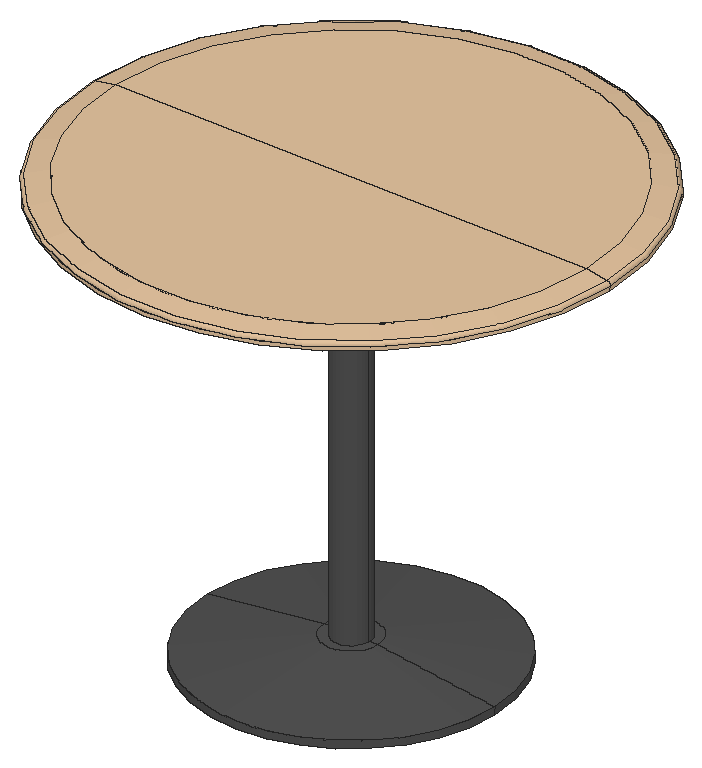
Revit family "b9b8c7cde4dd413782affe21e66430e3", category Furniture, Revit 2021
Family settings
  OmniClass Number = 23.40.20.14.17
  OmniClass Title = Residential Tables and Cabinets
  Seek Item ID = Table-Round-0000-USA-ENU
  Work Plane-Based = No
  Always vertical = Yes
  Cut with Voids When Loaded = No
  Shared = Yes
  Room Calculation Point = No
Parameters (values of type "36" Diameter")
  Default Elevation = 0' - 0"
  Assembly Code = "E2020200"
  Base Material = Steel, Chrome Plated
  Base Radius = 0' - 10"
  Height = 2' - 6"
  Radius = 1' - 6"
  Top Material = Birch
Types (4): name | Base Radius | Radius
  (no name) | 0' - 10" | 1' - 6"
  36" Diameter | 0' - 10" | 1' - 6"
  42" Diameter | 0' - 10" | 1' - 9"
  48" Diameter | 1' - 0" | 2' - 0"
Reference planes (in)
  plane 1 "Center (Front/Back)": y = 0
  plane 2: z = 0
  plane 3 "Center (Left/Right)": x = 0
  plane 4: z = 30
Forms (in)
  Extrusion 1, solid, material "Steel, Chrome Plated" <- "Base Material"
    sketch origin (0, 0, 1.5) x (1, 0, 0) y (0, 1, 0)
      loop
        circle (0, 0) r 1.25
    from 0 to 27.75
  Revolve 2, solid, material "Steel, Chrome Plated" <- "Base Material"
    sketch origin (0, 0, 0) x (1, 0, 0) y (0, 0, 1)
      loop
        line (0, 0) -> (0, 1.5) -> (-1.875, 1.5) -> (-10, 0.5) -> (-10, 0) -> (0, 0)
      axis (0, 1.5) -> (0, 0)
    angle from 0 to 360
  Revolve 3, solid, material "Birch" <- "Top Material"
    sketch origin (0, 0, 0) x (1, 0, 0) y (0, 0, 1)
      loop
        line (0, 29.25) -> (0, 30) -> (-16.35044, 30) -> (-17.79341, 29.74556)
        arc (-17.79341, 29.74556) -> (-17.94151, 29.66006) -> (-18, 29.49936) r 0.25
        line (-18, 29.49936) -> (-18, 29.25) -> (0, 29.25)
      axis (0, 30) -> (0, 29.25)
    angle from 0 to 360
Lines and regions (in)
  Masking region 1
    outline origin (0, 0, 0) x (1, 0, 0) y (0, 1, 0)
      loop
        circle (0, 0) r 18
  symbolic lines
    curve 1: arc (-16.35044, 0, 0) -> (0, 16.35044, 0) -> (16.35044, 0, 0) r 16.35044
    curve 2: arc (16.35044, 0, 0) -> (0, -16.35044, 0) -> (-16.35044, 0, 0) r 16.35044
Dimensions and locks (in)
  "Height": plane 4 to plane 2
  "Base Radius": plane 3 "Center (Left/Right)" to Revolve 2 sketch curve
  "Radius": plane 3 "Center (Left/Right)" to Revolve 3 sketch curve
  aligned and locked: Extrusion 1 to Revolve 3
  aligned and locked: Masking region 1 sketch curve to Revolve 3
  aligned and locked: curve 1 to Revolve 3
  aligned: curve 2 to Revolve 3
Automatic sketch dimensions
  Extrusion 1 sketch curve to plane 1 "Center (Front/Back)" = 0' - 0"
  Extrusion 1 sketch curve to plane 3 "Center (Left/Right)" = 0' - 0"
  Extrusion 1 sketch curve to plane 3 "Center (Left/Right)" = 0' - 1 1/4"
  Revolve 2 sketch curve to level = 0' - 0"
  Revolve 2 sketch curve to plane 3 "Center (Left/Right)" = 0' - 0"  (x2)
  Revolve 2 sketch curve to plane 3 "Center (Left/Right)" = 0' - 1 7/8"
  level to Revolve 2 sketch curve = 0' - 0 1/2"
  Revolve 2 sketch curve to level = 0' - 1 1/2"
  level to Revolve 2 sketch curve = 0' - 1 1/2"
  Revolve 2 sketch curve to Revolve 2 sketch curve = 0' - 7"
  Revolve 3 sketch curve to plane 4 = 0' - 0"
  Revolve 3 sketch curve to plane 3 "Center (Left/Right)" = 0' - 0"  (x2)
  plane 4 to Revolve 3 sketch curve = 0' - 0.50064"
  Revolve 3 sketch curve to Revolve 3 sketch curve = 0' - 1.39956"
  plane 4 to Revolve 3 sketch curve = 0' - 0.25444"
  Revolve 3 sketch curve to Revolve 3 sketch curve = 0' - 0.04341"
  plane 4 to Revolve 3 sketch curve = 0' - 0 3/4"
  Revolve 3 sketch curve to Revolve 3 sketch curve = 0' - 4 1/4"
  Revolve 3 sketch curve to plane 4 = 0' - 3"
